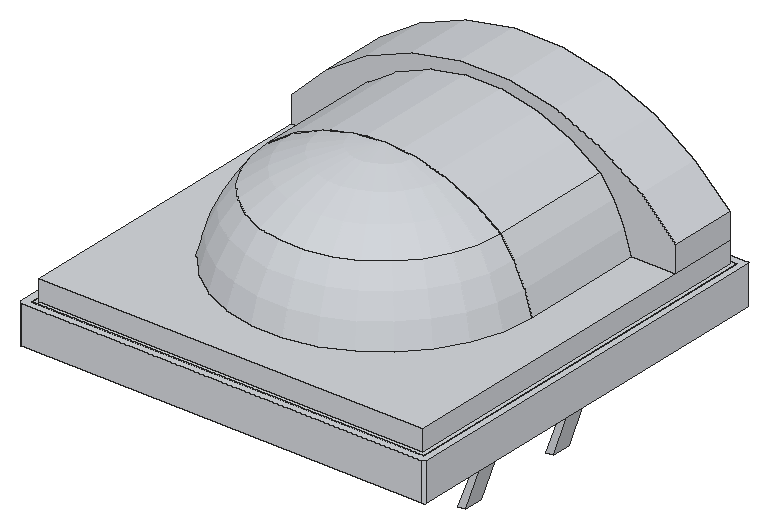
Revit family "Gira_537601", category Electrical Fixtures, host Face, Revit 2017
Family settings
  Host = Face
  Maintain Annotation Orientation = Yes
  Round Connector Dimension = Use Diameter
  Part Type = Normal
  Cut with Voids When Loaded = No
  Shared = No
  Room Calculation Point = No
Parameters (values of type "S3000 motion detec.top 2.20 m Komfort BT System 55 cr.white")
  URL = "http://katalog.gira.de/en/datenblatt.html?artikelnr=537601"
  Name = "S3000 motion detec.top 2.20 m Komfort BT System 55 cr.white"
  Model = "Movement sensor"
  Manufacturer URL = "https://www.gira.de/"
  Manufacturer = "Gira"
  Keynote = ""
  HeinzeBIM = "https://bimportal.heinze.de/bim/s3000-motion-detec-top-2-20-m-komfort-bt-system-55-cr-white/61488703c6e345689ba46f2c130347bc5772ef7a"
  HAN = "537601"
  GTIN = "4010337050261"
  Description = "S3000 mot.det.top 2.20m Kmf BT Sys55 CW,System 3000 motion detector top unit 2.20 m Komfort BT,System 55,cream white glossy,Features:,- Automatic switching of lighting, depending on the movement of heat and ambient brightness.,- Operation with System 3000 switching or dimming insert or 3-wire auxiliary insert.,- Expansion of the detection range in combination with the 3-wire auxiliary insert.,- When connecting a System 3000 auxiliary insert with an operating top unit or mechanical button to the main unit, the lighting can be switched on or dimmed for the duration of the delay time.,- Device facilitates manual switchover between automatic, always-on and always-off.,With System 3000 switching insert:,- Short-term operation.,With System 3000 dimming insert:,- Switch on with the last brightness set, or a saved switch-on brightness.,- The switch-on brightness can only be saved permanently via the System 3000 auxiliary insert with operating top unit.,Functions with the Gira Bluetooth app:,- Set the brightness threshold.,- Individually adjustable sensitivity of the two sensors (0, 25, 50, 75, 100 %).,- Set the delay time.,- Override functions: Automatic mode, permanently on off, time-limited on off for 0.5 to 5 hours.,- Occupied-home simulation.,- Switch-off pre-warning.,- Day mode.,- Walking test.,- Switch on with the last brightness set, or a saved switch-on brightness in combination with a dimming insert."
  Default Elevation = 1219.2 mm
  Data sheet (1) = "https://katalog.gira.de/en/download.html?artikelnr=537601"
  Category = "Sensor element for movement sensor"
  BIM (1) = "https://media.stage.bim.site/public/gira/36a6b08/Bewegungsmelder_2,20m.rfa"
  Available = "No"
Reference planes
  plane 1 "Center (Front/Back)": y = 0
  plane 2: z = 0
  plane 3 "Center (Left/Right)": x = 0
Forms (mm)
  Extrusion 1, solid, detail levels fine
    sketch origin (0, 0, 0) x (1, 0, 0) y (0, 0, 1)
      loop
        line (-33.25, 14.602) -> (-33.25, 10.1) -> (33.25, 10.1) -> (33.25, 14.602)
        arc (33.25, 14.602) -> (0, 30.256) -> (-33.25, 14.602) r 43.139
    from -33.25 to -21.609
  Extrusion 2, solid, detail levels fine
    sketch origin (0, 0, 0) x (1, 0, 0) y (0, 1, 0)
      loop
        line (-33.25, 33.25) -> (-33.25, -33.25) -> (33.25, -33.25) -> (33.25, 33.25) -> (-33.25, 33.25)
    from 6.6 to 10.1
  Extrusion 3, solid, detail levels fine
    sketch origin (0, 0, 0) x (1, 0, 0) y (0, 0, 1)
      loop
        arc (20.138, 21.225) -> (0, 28.457) -> (-20.138, 21.225) r 31.652
        arc (-20.138, 21.225) -> (-23.48, 15.984) -> (-25.486, 10.1) r 26.053
        line (-25.486, 10.1) -> (25.486, 10.1)
        arc (25.486, 10.1) -> (23.48, 15.984) -> (20.138, 21.225) r 26.053
    from -21.609 to 0
  Revolve 4, solid, detail levels fine
    sketch origin (0, 0, 0) x (1, 0, 0) y (0, 0, 1)
      loop
        arc (0, 28.457) -> (-10.699, 26.594) -> (-20.138, 21.225) r 31.652
        arc (-20.138, 21.225) -> (-23.48, 15.984) -> (-25.486, 10.1) r 26.053
        line (-25.486, 10.1) -> (0, 10.1) -> (0, 28.457)
      axis (0, 28.457) -> (0, 10.1)
    angle from -180 to 0
  Extrusion 5, solid, detail levels fine
    sketch origin (0, 0, 0) x (1, 0, 0) y (0, 1, 0)
      loop
        spline (-34.7, 35.2) -> (-34.765, 35.196) -> (-34.829, 35.183) -> (-34.891, 35.162) -> (-34.95, 35.133) -> (-35.004, 35.097) -> (-35.054, 35.054) -> (-35.097, 35.004) -> (-35.133, 34.95) -> (-35.162, 34.891) -> (-35.183, 34.829) -> (-35.196, 34.765) -> (-35.2, 34.7)
        line (-35.2, 34.7) -> (-35.2, -34.7)
        spline (-35.2, -34.7) -> (-35.196, -34.765) -> (-35.183, -34.829) -> (-35.162, -34.891) -> (-35.133, -34.95) -> (-35.097, -35.004) -> (-35.054, -35.054) -> (-35.004, -35.097) -> (-34.95, -35.133) -> (-34.891, -35.162) -> (-34.829, -35.183) -> (-34.765, -35.196) -> (-34.7, -35.2)
        line (-34.7, -35.2) -> (34.7, -35.2)
        spline (34.7, -35.2) -> (34.765, -35.196) -> (34.829, -35.183) -> (34.891, -35.162) -> (34.95, -35.133) -> (35.004, -35.097) -> (35.054, -35.054) -> (35.097, -35.004) -> (35.133, -34.95) -> (35.162, -34.891) -> (35.183, -34.829) -> (35.196, -34.765) -> (35.2, -34.7)
        line (35.2, -34.7) -> (35.2, 34.7)
        spline (35.2, 34.7) -> (35.196, 34.765) -> (35.183, 34.829) -> (35.162, 34.891) -> (35.133, 34.95) -> (35.097, 35.004) -> (35.054, 35.054) -> (35.004, 35.097) -> (34.95, 35.133) -> (34.891, 35.162) -> (34.829, 35.183) -> (34.765, 35.196) -> (34.7, 35.2)
        line (34.7, 35.2) -> (-34.7, 35.2)
      loop
        line (-33.986, 33.986) -> (-33.986, -33.986) -> (33.986, -33.986) -> (33.986, 33.986) -> (-33.986, 33.986)
    from 0 to 6.6
  Extrusion 6, solid, detail levels fine
    sketch origin (0, 0, 0) x (1, 0, 0) y (0, 1, 0)
      loop
        line (-33.986, 33.986) -> (-33.986, -33.986) -> (33.986, -33.986) -> (33.986, 33.986) -> (-33.986, 33.986)
    from 5 to 6.6
  Extrusion 7, solid
    sketch origin (0, 0, 0) x (1, 0, 0) y (0, 1, 0)
      loop
        line (-23.656, 22.752) -> (-23.656, -22.748)
        arc (-23.656, -22.748) -> (-23.409, -23.369) -> (-22.801, -23.65) r 0.904
        line (-22.801, -23.65) -> (22.796, -23.65)
        arc (22.796, -23.65) -> (23.404, -23.369) -> (23.656, -22.748) r 0.904
        line (23.656, -22.748) -> (23.652, 22.752)
        arc (23.652, 22.752) -> (23.404, 23.374) -> (22.796, 23.655) r 0.904
        line (22.796, 23.655) -> (-22.801, 23.655)
        arc (-22.801, 23.655) -> (-23.409, 23.374) -> (-23.656, 22.752) r 0.904
    from -3.2 to 5
  Extrusion 8, solid, detail levels fine
    sketch origin (0, 0, 0) x (1, 0, 0) y (0, 1, 0)
      loop
        line (-27.334, -25) -> (-26.366, -25) -> (-26.366, 26.298) -> (26.366, 26.298) -> (26.366, -25) -> (27.334, -25) -> (27.334, 27.402) -> (-27.334, 27.402) -> (-27.334, -25)
    from -1.1 to 5
  Extrusion 9, solid, detail levels fine
    sketch origin (0, 0, 0) x (1, 0, 0) y (0, 1, 0)
      loop
        line (-5.141, 20.682) -> (-5.141, 15.098)
        spline (-5.141, 15.098) -> (-5.133, 14.968) -> (-5.107, 14.84) -> (-5.065, 14.716) -> (-5.007, 14.599) -> (-4.935, 14.49) -> (-4.849, 14.391) -> (-4.75, 14.305) -> (-4.641, 14.233) -> (-4.524, 14.175) -> (-4.4, 14.133) -> (-4.272, 14.107) -> (-4.142, 14.099)
        line (-4.142, 14.099) -> (4.142, 14.099)
        spline (4.142, 14.099) -> (4.272, 14.107) -> (4.4, 14.133) -> (4.524, 14.175) -> (4.641, 14.233) -> (4.75, 14.305) -> (4.849, 14.391) -> (4.935, 14.49) -> (5.007, 14.599) -> (5.065, 14.716) -> (5.107, 14.84) -> (5.133, 14.968) -> (5.141, 15.098)
        line (5.141, 15.098) -> (5.141, 20.682)
        spline (5.141, 20.682) -> (5.133, 20.812) -> (5.107, 20.94) -> (5.065, 21.064) -> (5.007, 21.181) -> (4.935, 21.29) -> (4.849, 21.389) -> (4.75, 21.475) -> (4.641, 21.547) -> (4.524, 21.605) -> (4.4, 21.647) -> (4.272, 21.673) -> (4.142, 21.681)
        line (4.142, 21.681) -> (-4.142, 21.681)
        spline (-4.142, 21.681) -> (-4.272, 21.673) -> (-4.4, 21.647) -> (-4.524, 21.605) -> (-4.641, 21.547) -> (-4.75, 21.475) -> (-4.849, 21.389) -> (-4.935, 21.29) -> (-5.007, 21.181) -> (-5.065, 21.064) -> (-5.107, 20.94) -> (-5.133, 20.812) -> (-5.141, 20.682)
    from -19.6 to -3.2
  Extrusion 10, solid, detail levels fine
    sketch origin (0, 0, 0) x (1, 0, 0) y (0, 0, 1)
      loop
        line (-24.966, -3.825) -> (-25.395, -8.726) -> (-23.048, -15.543) -> (-21.665, -15.713) -> (-24.338, -8.563) -> (-23.422, -1.1) -> (-25.014, -1.1) -> (-24.966, -3.825)
      loop
        line (24.966, -3.825) -> (25.014, -1.1) -> (23.422, -1.1) -> (24.338, -8.563) -> (21.665, -15.713) -> (23.048, -15.543) -> (25.395, -8.726) -> (24.966, -3.825)
    from -11.1 to -7.9
  Extrusion 11, solid, detail levels fine
    sketch origin (0, 0, 0) x (1, 0, 0) y (0, 0, -1)
      loop
        line (-24.966, 3.825) -> (-25.014, 1.1) -> (-23.422, 1.1) -> (-24.338, 8.563) -> (-21.665, 15.713) -> (-23.048, 15.543) -> (-25.395, 8.726) -> (-24.966, 3.825)
      loop
        line (24.966, 3.825) -> (25.395, 8.726) -> (23.048, 15.543) -> (21.665, 15.713) -> (24.338, 8.563) -> (23.422, 1.1) -> (25.014, 1.1) -> (24.966, 3.825)
    from -11.1 to -7.9
  Extrusion 12, solid
    sketch origin (0, 0, 0) x (1, 0, 0) y (0, 1, 0)
      loop
        line (-23.656, 22.752) -> (-23.656, -22.748)
        arc (-23.656, -22.748) -> (-23.409, -23.369) -> (-22.801, -23.65) r 0.904
        line (-22.801, -23.65) -> (22.796, -23.65)
        arc (22.796, -23.65) -> (23.404, -23.369) -> (23.656, -22.748) r 0.904
        line (23.656, -22.748) -> (23.652, 22.752)
        arc (23.652, 22.752) -> (23.404, 23.374) -> (22.796, 23.655) r 0.904
        line (22.796, 23.655) -> (-22.801, 23.655)
        arc (-22.801, 23.655) -> (-23.409, 23.374) -> (-23.656, 22.752) r 0.904
    from -3.2 to 5
  Extrusion 13, solid, detail levels medium
    sketch origin (0, 0, 0) x (1, 0, 0) y (0, 1, 0)
      loop
        line (-35.2, 35.2) -> (-35.2, -35.2) -> (35.2, -35.2) -> (35.2, 35.2) -> (-35.2, 35.2)
    from 0 to 6.6
  Extrusion 14, solid, detail levels medium
    sketch origin (0, 0, 0) x (1, 0, 0) y (0, 1, 0)
      loop
        line (-33.25, 33.25) -> (-33.25, -33.25) -> (33.25, -33.25) -> (33.25, 33.25) -> (-33.25, 33.25)
    from 6.6 to 30.256
  Extrusion 15, solid, detail levels medium
    sketch origin (0, 0, 0) x (1, 0, 0) y (0, 1, 0)
      loop
        line (-23.656, 23.655) -> (-23.656, -23.65) -> (23.656, -23.65) -> (23.656, 23.655) -> (-23.656, 23.655)
    from -3.2 to 5
  Extrusion 16, solid, detail levels medium
    sketch origin (0, 0, 0) x (1, 0, 0) y (0, 0, 1)
      loop
        line (-25.014, -1.1) -> (-25.014, -15.713) -> (-21.665, -15.713) -> (-21.665, -1.1) -> (-25.014, -1.1)
      loop
        line (25.014, -1.1) -> (21.665, -1.1) -> (21.665, -15.713) -> (25.014, -15.713) -> (25.014, -1.1)
    from -11.1 to -7.9
  Extrusion 17, solid, detail levels medium
    sketch origin (0, 0, 0) x (1, 0, 0) y (0, 0, -1)
      loop
        line (-25.014, 1.1) -> (-21.665, 1.1) -> (-21.665, 15.713) -> (-25.014, 15.713) -> (-25.014, 1.1)
      loop
        line (25.014, 1.1) -> (25.014, 15.713) -> (21.665, 15.713) -> (21.665, 1.1) -> (25.014, 1.1)
    from -11.1 to -7.9
  Extrusion 18, solid, detail levels medium
    sketch origin (0, 0, 0) x (1, 0, 0) y (0, 1, 0)
      loop
        line (-5.141, 14.099) -> (5.141, 14.099) -> (5.141, 21.681) -> (-5.141, 21.681) -> (-5.141, 14.099)
    from -19.6 to -3.2
  Extrusion 19, solid, detail levels coarse
    sketch origin (0, 0, 0) x (1, 0, 0) y (0, 1, 0)
      loop
        line (-35.2, 35.2) -> (-35.2, -35.2) -> (35.2, -35.2) -> (35.2, 35.2) -> (-35.2, 35.2)
    from -19.6 to 30.256
Dimensions and locks
  aligned and locked: plane 2 to host face
  aligned and locked: level to host face
  aligned and locked: nested 1 to plane 3 "Center (Left/Right)"
  aligned and locked: plane 1 "Center (Front/Back)" to nested 1
Nested families
  nested 1: "Belegungssensor - Bewegung - Aufputz - Beschriftung" at (0, 0, 0) x (0, -1, 0) z (0, 0, 1), type "Belegungssensor - Bewegung - Aufputz - Beschriftung"
Connectors
  electrical at (0, 0, -19.6)
    settings: on Extrusion 19, index 1, voltage 220 V, apparent load 0 VA, apparent load phase1 0 VA, apparent load phase2 0 VA, apparent load phase3 0 VA, power factor 1, load classification "Other", number of poles 1, system type 30, power factor state 1, is connector primary yes, connector utility no, sub classification motor no, connector description ""
Definition of nested family "Belegungssensor - Bewegung - Aufputz - Beschriftung"
  Reference planes
    plane 1: y = 0
    plane 2: x = 0
  Lines and regions (mm)
    Filled region 1, type "Gefüllter Bereich 1"
      outline origin (143.425, -20.712, 0) x (1, 0, 0) y (0, 1, 0)
        loop
          line (-148.697, 21.204) -> (-148.697, 20.409) -> (-147.583, 20.807) -> (-148.697, 21.204)
    Filled region 2, type "Gefüllter Bereich 1"
      outline origin (141.808, 30.001, 0) x (0.939693, 0.34202, 0) y (-0.34202, 0.939693, 0)
        loop
          line (-148.694, 21.203) -> (-148.694, 20.41) -> (-147.583, 20.807) -> (-148.694, 21.203)
    Filled region 3, type "Gefüllter Bereich 1"
      outline origin (141.819, -29.825, 0) x (-0.34202, -0.939693, 0) y (0.939693, -0.34202, 0)
        loop
          line (21.204, -148.697) -> (20.807, -147.583) -> (20.409, -148.697) -> (21.204, -148.697)
    detail lines
      curve 1: line (-1.207, 0.095, 0) -> (-3.486, 1.411, 0)
      curve 2: line (-1.207, 0.095, 0) -> (-3.486, -1.221, 0)
      curve 5: arc (-3.252, 1.752, 0) -> (-3.839, 0.095, 0) -> (-3.252, -1.562, 0) r 2.632
      curve 6: line (-6, 3, 0) -> (0, 3, 0)
      curve 7: line (-6, -3, 0) -> (-6, 3, 0)
      curve 8: line (0, -3, 0) -> (-6, -3, 0)
      curve 9: line (0, 3, 0) -> (0, -3, 0)
    reference lines
      curve 3: line (-1.207, 0.095, 0) -> (-3.616, 2.046, 0)
      curve 4: line (-1.207, 0.095, 0) -> (-3.616, -1.856, 0)
  Dimensions and locks
    curve 1 to curve 1 = 2.632 mm
    curve 2 to curve 2 = 2.632 mm
    curve 6 to curve 8 = 6 mm
    curve 7 to curve 9 = 6 mm
    angle curve 1 to curve 2 = 60.00°
    aligned and locked: curve 6 to curve 7
    aligned and locked: curve 9 to curve 9
